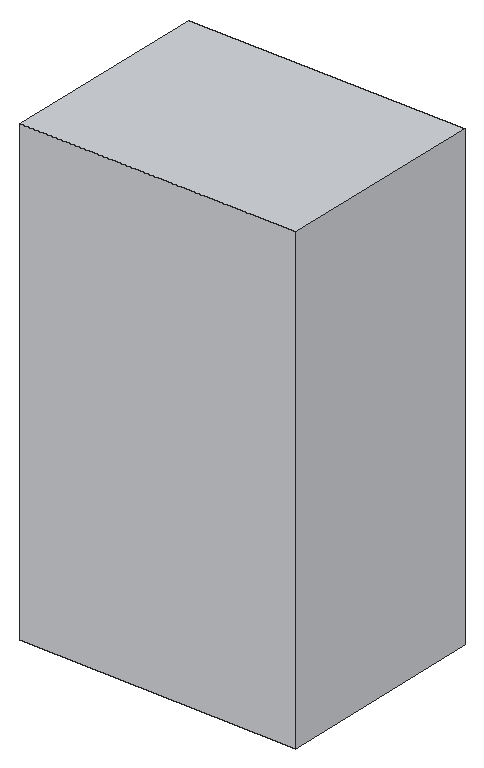
Revit family
Parameters
  Warranty Duration (Years) = 0
  Unit Width [instance] = 1' - 2"
  Unit Height [instance] = 1' - 5"
  Unit Depth = 0' - 6 1/2"
  URL = "http://www.americanspecialties.com/viewCategories.cfm"
  Trim Material = Metal - Stainless Steel
  Test Data = ""
  Specification = "http://www.arcat.com/sdspecs/htm/10810asi.htm"
  SpecWizard = ""
  Send Message = "http://www.arcat.com/users.pl?action=UserEmail&company=American%20Specialties,%20Inc.&coid=30448&rep=139&fax=914-476-0688&mf="
  Sales Information = "http://www.americanspecialties.com/contact"
  Revision = "R1_10-2010"
  Product Properties = "http://www.americanspecialties.com/datasheets/0829.pdf"
  Product Data = "http://www.arcat.com/arcatcos/cos30/arc30448.html"
  Model = "As Specified in 10 28 13"
  Manufacturer Website = "http://www.americanspecialties.com/viewCategories.cfm"
  Manufacturer Phone - Toll Free = ""
  Manufacturer Phone = "914-476-9000 "
  Manufacturer Fax = "914-476-0688"
  Manufacturer Address = "441 Saw Mill River Rd., Yonkers, NY 10701"
  Manufacturer = "American Specialties, Inc."
  Maintenance Schedule (Months) = 0
  Keynote = "10 28 13"
  Installation-Fabrication = "http://www.americanspecialties.com/products.cfm"
  Green Building-LEED = ""
  Expected Lifespan (Years) = 0
  Drawn By = "Robert S. Weygant. CSI, CDT, SCIP"  # constant formula
  Description = "Toilet Accessory as Specified in 10 28 13"
  Default Elevation = 4' - 0"
  Copyright = "©Arcat Inc."
  Construction Details = "http://www.arcat.com/green/clients/leed_data_30448.html"
  Building Codes = "http://www.americanspecialties.com/products.cfm"
  Body Material = Metal - Stainless Steel
  Assembly Code = "C1030210"
Reference planes (in)
  plane 1 "Center (Front/Back)": y = -0.29112
  plane 2 "Floor Line": z = 0
  plane 3 "Center (Left/Right)": x = -0.65843
Forms (in)
  Extrusion 1, solid
    sketch origin (-3, -9, -6) x (0, 0, -1) y (1, 0, 0)
      loop
        line (-82, 26) -> (-82, -19.34712) -> (-6, -19.34712) -> (-6, 26) -> (-82, 26)
    from 9 to -25.60721
  Extrusion 2, solid, material "Metal - Stainless Steel" <- "Body Material"
    sketch origin (0, -0.29112, 0) x (1, 0, 0) y (0, 0, 1)
      loop
        line (6.46657, 0) -> (6.46657, 14.25) -> (2.46657, 14.25) -> (-7.78343, 4) -> (-7.78343, 0) -> (6.46657, 0)
      loop
        line (6.40407, 14.1875) -> (2.49245, 14.1875) -> (-7.72093, 3.97411) -> (-7.72093, 0.0625) -> (6.40407, 0.0625) -> (6.40407, 14.1875)
    from -11.88171 to 11.4375
  Extrusion 3, void
    sketch origin (11.54272, 0, 7.55839) x (0, 0, 1) y (0, 1, 0)
      loop
        circle (4.50411, 9.9394) r 0.1875
    from 5.07615 to 5.13865
  Extrusion 4, void
    sketch origin (11.54272, 0, 6.14382) x (0, 0, -1) y (0, -1, 0)
      loop
        circle (4.50411, -9.9394) r 0.1875
    from 5.07615 to 5.13865
  Extrusion 5, void
    sketch origin (-0.37016, 0, 0) x (1, 0, 0) y (0, 1, 0)
      loop
        circle (4.64923, 9.91176) r 0.1875
    from 0 to 0.0625
  Extrusion 6, void
    sketch origin (-0.9467, 0, 0) x (-1, 0, 0) y (0, -1, 0)
      loop
        circle (4.64923, -9.91176) r 0.1875
    from 0 to 0.0625
  Extrusion 7, void
    sketch origin (0, 0, 0) x (1, 0, 0) y (0, 1, 0)
      loop
        arc (4.08957, -8.32266) -> (4.27907, -9.28536) -> (4.46856, -8.32266) r 0.5
        line (4.46856, -8.32266) -> (4.46856, -7.76484)
        arc (4.46856, -7.76484) -> (4.27907, -7.57535) -> (4.08957, -7.76484) r 0.18949
        line (4.08957, -7.76484) -> (4.08957, -8.32266)
    from 0 to 0.0625
  Extrusion 8, void
    sketch origin (-1.31687, 0, 0) x (-1, 0, 0) y (0, -1, 0)
      loop
        line (4.08957, 8.32266) -> (4.08957, 7.76484)
        arc (4.08957, 7.76484) -> (4.27907, 7.57535) -> (4.46856, 7.76484) r 0.18949
        line (4.46856, 7.76484) -> (4.46856, 8.32266)
        arc (4.46856, 8.32266) -> (4.27907, 9.28536) -> (4.08957, 8.32266) r 0.5
    from 0 to 0.0625
  Extrusion 9, void
    sketch origin (-0.65843, 0, 0) x (0, 1, 0) y (0, 0, 1)
      loop
        arc (-8.82842, 12.25199) -> (-9.79112, 12.0625) -> (-8.82842, 11.87301) r 0.5
        line (-8.82842, 11.87301) -> (-8.2706, 11.87301)
        arc (-8.2706, 11.87301) -> (-8.08111, 12.0625) -> (-8.2706, 12.25199) r 0.18949
        line (-8.2706, 12.25199) -> (-8.82842, 12.25199)
      loop
        arc (-8.82842, 1.82921) -> (-9.79112, 1.63971) -> (-8.82842, 1.45022) r 0.5
        line (-8.82842, 1.45022) -> (-8.2706, 1.45022)
        arc (-8.2706, 1.45022) -> (-8.08111, 1.63971) -> (-8.2706, 1.82921) r 0.18949
        line (-8.2706, 1.82921) -> (-8.82842, 1.82921)
    from 7.0625 to 7.125
  Extrusion 10, solid, material "Metal - Stainless Steel" <- "Body Material"
    sketch origin (0, -0.22862, 0) x (1, 0, 0) y (0, 0, 1)
      loop
        line (2.46657, 14.25) -> (-7.78343, 4) -> (-7.78343, 0) -> (6.46657, 0) -> (6.46657, 14.25) -> (2.46657, 14.25)
    from 11.5625 to 11.5
Cuts and joins
  Extrusion 3, Extrusion 4, Extrusion 5, Extrusion 6, Extrusion 7, Extrusion 8, Extrusion 9 cuts Extrusion 2
Dimensions and locks (in)
  aligned and locked: Extrusion 1 to level
  aligned and locked: Extrusion 2 to Extrusion 4
  aligned and locked: Extrusion 2 to Extrusion 3  (x2)
  aligned and locked: Extrusion 2 to Extrusion 5
  aligned and locked: Extrusion 2 to Extrusion 7
  aligned and locked: Extrusion 2 to Extrusion 8
  aligned and locked: Extrusion 2 to Extrusion 9  (x2)
  aligned and locked: Extrusion 10 to cut or joined group of Extrusion 2, Extrusion 3, Extrusion 4, Extrusion 5, Extrusion 6, Extrusion 7, Extrusion 8, Extrusion 9  (x2)
